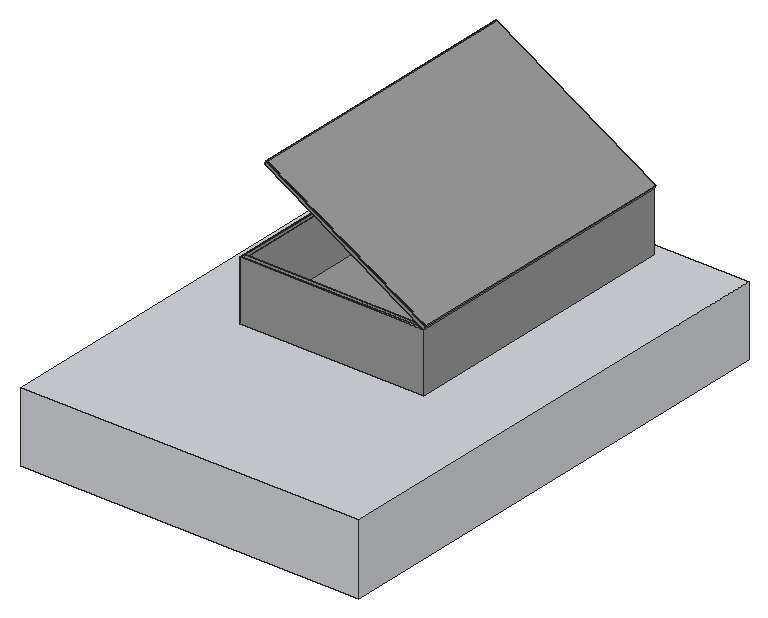
Revit family "Hager-Univers-IP55-D275-H1250-Cl.II-Steel_encl-DE-de", category Equipement électrique, Revit 2020
Family settings
  Hôte = Face
  Configuration du panneau = Deux colonnes, circuits au sein
  Cote de connecteur circulaire = Utiliser le diamètre
  Type d'élément = Tableau de raccordement
  Couper avec des vides une fois chargée = Non
  Partagée = Non
  Point de calcul de pièce = Non
Parameters (values of type "Aufputz IP55 B800 H1250 T275  - FR83S")
  Width Control [instance] = if([EF000008 - Breite] > Min Width, [EF000008 - Breite], Min Width)  # 800 mm
  Commentaires du type = [HG000003 - Bereich]  # "Univers"
  Thickness Door [instance] = if([EF009171 - Materialstärke Tür/Deckel] > 3 mm, 3 mm, [EF009171 - Materialstärke Tür/Deckel])  # 1.5 mm
  Seal Frame Offset [instance] = 17 mm  # constant formula
  Plinth Visibility [instance] = [HG000027 - Sockelhöhe] > 0 mm  # no
  Model = ""
  Min Width [instance] = 100 mm  # constant formula
  Min Height [instance] = 100 mm  # constant formula
  Min Depth [instance] = (2 * [EF009170 - Materialstärke Gehäuse]) + 1 mm  # 4 mm
  Internal Frame Depth [instance] = (Door System Depth * 0.5)  # 9 mm
  Height Control [instance] = if([EF000040 - Höhe] > Min Height, [EF000040 - Höhe], Min Height)  # 1250 mm
  HG000027 - Sockelhöhe = 0 mm
  HG000026 - Stehend auf dem Boden = no
  HG000024 - Höhe des unteren Teils = 800 mm
  HG000023 - Gehäuse mit doppeltem Querschnitt = no
  HG000016 - 3D-Türsichtbarkeit [instance] = yes
  HG000015 - Sichtbarkeit der Türöffnung [instance] = no
  HG000014 - Tür rechts [instance] = yes
  HG000013 - Tür links [instance] = not([HG000014 - Tür rechts])  # no
  HG000012 - Türschwenkwinkel [instance] = 30.00°
  HG000010 - Asymmetrische Türen = no
  HG000009 - Doppelflügeligen Tür = no
  HG000006 - Unterputz = no
  HG000004 - Herstellerreferenz = "FR83S"
  HG000003 - Bereich = "Univers"
  HG000002 - Mit tür = yes
  Frame Offset Bottom [instance] = 10 mm  # constant formula
  Frame Offset [instance] = 15 mm  # constant formula
  EF015940 - Deckel mit Überdruckentlastung = no
  EF011959 - Schutzart (NEMA) = ""
  EF009554 - Anzahl der Öffnungen für Flanschplatten = 6
  Fabricant = "Hager"  # constant formula
  EF009212 - Ausführung Deckel = "EV000116 - geschlossen"
  EF009171 - Materialstärke Tür/Deckel = 1.5 mm
  EF009170 - Materialstärke Gehäuse = 1.5 mm
  EF008873 - Nennstrom (In) = 800 A
  EF007800 - Geeignet für Blitzschutz = no
  EF006306 - Mit Schloss = no
  EF006244 - Transparenter Deckel/Tür = no
  EF005474 - Schutzart (IP) = "EV006420 - IP55"
  EF004464 - Art der Tür = "EV002646 - Einzel"
  EF004427 - Anzahl der Module = 288
  EF004293 - Schlagfestigkeit = "EV008784 - IK10"
  EF003532 - Geeignet für Außengebrauch = no
  EF002950 - Breite in Teilungseinheiten = 24
  EF001613 - Funktionserhalt = "EV000494 - ohne"
  EF001596 - Werkstoff des Gehäuses = "EV000179 - Stahl"
  EF001131 - Innentiefe = 275 mm
  EF001088 - Anbaumöglichkeit = yes
  EF000437 - Anzahl der Leitungseinführungen = 6
  EF000339 - Art der Abdeckung = "EV004216 - Tür"
  EF000266 - Anzahl der Reihen = 8
  EF000218 - Einbautiefe = 0 mm
  EF000118 - Mit Montageplatte = no
  EF000116 - RAL-Nummer = "7035"
  EF000049 - Tiefe = 275 mm
  EF000040 - Höhe = 1250 mm
  EF000008 - Breite = 800 mm
  EF000007 - Farbe = "EV000270 - grau"
  EF000003 - Montageart = "EV000384 - Aufputz"
  Door System Leaf Tolerance [instance] = 1.5 mm  # constant formula
  Door System Depth [instance] = 18 mm  # constant formula
  Door Height [instance] = Height Control - [HG000027 - Sockelhöhe]  # 1250 mm
  Depth Control [instance] = if([EF000049 - Tiefe] > Min Depth, [EF000049 - Tiefe], Min Depth)  # 275 mm
  Default Elevation = 0 mm
  Connector Offset [instance] = Height Control / 2  # 625 mm
  Bottom Top Plate Trim [instance] = 1.5 mm  # constant formula
  Plinth height Ctrl [instance] = if([HG000027 - Sockelhöhe] > 0 mm, [HG000027 - Sockelhöhe], 12 mm)  # 12 mm
Types (5, lengths in mm): name | Width Control | HG000010 - Asymmetrische Türen | HG000009 - Doppelflügeligen Tür | HG000004 - Herstellerreferenz | EF009554 - Anzahl der Öffnungen für Flanschplatten | EF004464 - Art der Tür | EF004427 - Anzahl der Module | EF000437 - Anzahl der Leitungseinführungen | EF000008 - Breite
  Aufputz IP55 B1050 H1250 T275  - FR84S | 1050 | no | yes | "FR84S" | 8 | "EV003602 - Doppel" | 384 | 8 | 1050
  Aufputz IP55 B1300 H1250 T275  - FR85S | 1300 | yes | yes | "FR85S" | 10 | "EV003602 - Doppel" | 480 | 10 | 1300
  Aufputz IP55 B300 H1250 T275  - FR81S | 300 | no | no | "FR81S" | 2 | "EV002646 - Einzel" | 96 | 2 | 300
  Aufputz IP55 B550 H1250 T275  - FR82S | 550 | no | no | "FR82S" | 4 | "EV002646 - Einzel" | 192 | 4 | 550
  Aufputz IP55 B800 H1250 T275  - FR83S | 800 | no | no | "FR83S" | 6 | "EV002646 - Einzel" | 288 | 6 | 800
Reference planes
  plane 1 "Center (Front/Back)": y = 0
  plane 2: z = 0
  plane 3 "Center (Left/Right)": x = 0
  plane 4: z = 275
  plane 5: y = 1.5
  plane 6: y = 625
  plane 7: y = 0
  plane 8: y = 1250
  plane 9: z = 0
  plane 10: x = -385
  plane 11: x = 385
  plane 12: x = 383.5
  plane 13: x = -383.5
  plane 14: y = 1248.5
  plane 15: x = -383
  plane 16: x = -400
  plane 17: x = 383
  plane 18: x = 400
  plane 19: x = 398.5
  plane 20: x = -398.5
  plane 21: y = 11.5
  plane 22: y = 1250
  plane 23: y = 1233.5
  plane 24: z = 257
  plane 25: z = 1.5
  plane 26: z = 255.5
  plane 27: z = 273.5
Forms (mm)
  Extrusion 1, solid
    sketch origin (0, 0, 0) x (1, 0, 0) y (0, 1, 0)
      loop
        line (-702.964, 1305) -> (-702.964, -811.445) -> (766.763, -811.445) -> (766.763, 1305) -> (-702.964, 1305)
    from 0 to -304.8
  Extrusion 2, solid, material "Hager_Steel_RAL7035_Light_Grey", visible <- "Plinth Visibility", detail levels medium+fine
    sketch origin (0, 0, 0) x (1, 0, 0) y (0, 1, 0)
      loop
        line (-400, 0) -> (400, 0) -> (400, 12) -> (-400, 12) -> (-400, 0)
    from 0 to 257
  Extrusion 3, solid, material "Hager_Steel_RAL7035_Light_Grey", detail levels medium+fine
    sketch origin (0, 0, 0) x (1, 0, 0) y (0, 1, 0)
      loop
        line (-400, 0) -> (400, 0) -> (400, 1250) -> (-400, 1250) -> (-400, 0)
    from 0 to 257
  Extrusion 4, void
    sketch origin (0, 0, 0) x (1, 0, 0) y (0, 1, 0)
      loop
        line (-398.5, 1.5) -> (398.5, 1.5) -> (398.5, 1248.5) -> (-398.5, 1248.5) -> (-398.5, 1.5)
    from 1.5 to 255.5
  Extrusion 5, void
    sketch origin (-381.607, -4572, 257) x (0, -1, 0) y (-1, 0, 0)
      loop
        line (-4583.5, 1.893) -> (-5805.5, 1.893) -> (-5805.5, -765.107) -> (-4583.5, -765.107) -> (-4583.5, 1.893)
    from 0 to 1.5 <- "EF009170 - Materialstärke Gehäuse"
  Extrusion 6, solid, material "Hager_Steel_RAL7035_Light_Grey", detail levels fine
    sketch origin (0, 0, 257) x (1, 0, 0) y (0, 1, 0)
      loop
        line (-383.5, 1233.5) -> (-383.5, 11.5) -> (383.5, 11.5) -> (383.5, 1233.5) -> (-383.5, 1233.5)
      loop
        line (-385, 10) -> (385, 10) -> (385, 1235) -> (-385, 1235) -> (-385, 10)
    from 0 to 9 <- "Internal Frame Depth"
  Extrusion 7, solid, material "Hager_Steel_RAL7035_Light_Grey", detail levels coarse
    sketch origin (0, 0, 0) x (1, 0, 0) y (0, 1, 0)
      loop
        line (-400, 0) -> (400, 0) -> (400, 1250) -> (-400, 1250) -> (-400, 0)
    from 0 to 275
  Sweep 8, void
    path in 3D
      loop
        line (-400, 12, 0) -> (400, 12, 0) -> (400, 12, 257) -> (-400, 12, 257) -> (-400, 12, 0)
    profile origin (-400, 12, 128.5) x (-1, 0, 0) y (0, -1, 0)
      loop
        line (0, 0) -> (0, 1.5) -> (-1.5, 1.5)
        arc (-1.5, 1.5) -> (-1.061, 0.439) -> (0, 0) r 1.5
Cuts and joins
  Extrusion 4, Extrusion 5 cuts Extrusion 3
  Sweep 8 cuts Extrusion 2
Lines and regions (mm)
  Masking region 1
    outline origin (0, 0, 0) x (1, 0, 0) y (0, 0, 1)
      loop
        line (-400, 275) -> (-400, 0) -> (400, 0) -> (400, 275) -> (-400, 275)
  Masking region 2, detail levels medium+fine
    outline origin (0, 140, 0) x (0, 1, 0) y (0, 0, 1)
      loop
        line (-140, 0) -> (1110, 0) -> (1110, 257) -> (-140, 257) -> (-140, 0)
  Masking region 3, not visible, detail levels medium+fine
    outline origin (0, 297.922, 0) x (0, 1, 0) y (0, 0, 1)
      loop
        line (338.578, 0) -> (378.578, 0) -> (378.578, 263.5)
        arc (378.578, 263.5) -> (375.649, 270.571) -> (368.578, 273.5) r 10
        line (368.578, 273.5) -> (338.578, 273.5) -> (338.578, 0)
  Masking region 4, detail levels coarse
    outline origin (0, 0, 180) x (0, 1, 0) y (0, 0, 1)
      loop
        line (0, -180) -> (1250, -180) -> (1250, 95) -> (0, 95) -> (0, -180)
  Masking region 5, visible <- "Plinth Visibility", detail levels medium+fine
    outline origin (0, 52.24, 12.345) x (0, 0, -1) y (0, 1, 0)
      loop
        line (10.845, -40.24) -> (-243.155, -40.24)
        arc (-243.155, -40.24) -> (-243.594, -41.301) -> (-244.655, -41.74) r 1.5
        line (-244.655, -41.74) -> (-244.655, -52.24) -> (12.345, -52.24) -> (12.345, -41.74)
        arc (12.345, -41.74) -> (11.285, -41.301) -> (10.845, -40.24) r 1.5
  Masking region 6, detail levels medium+fine
    outline origin (-381.607, -4572, 257) x (-1, 0, 0) y (0, -1, 0)
      loop
        line (18.393, -5822) -> (18.393, -4572) -> (-781.607, -4572) -> (-781.607, -5822) -> (18.393, -5822)
  Masking region 7, visible <- "Plinth Visibility", detail levels medium+fine
    outline origin (-381.607, -4727, 257) x (-1, 0, 0) y (0, -1, 0)
      loop
        arc (16.893, -4739) -> (17.332, -4737.939) -> (18.393, -4737.5) r 1.5
        line (18.393, -4737.5) -> (18.393, -4727) -> (-781.607, -4727) -> (-781.607, -4737.5)
        arc (-781.607, -4737.5) -> (-780.546, -4737.939) -> (-780.107, -4739) r 1.5
        line (-780.107, -4739) -> (16.893, -4739)
  Masking region 8, detail levels coarse
    outline origin (-442.548, -4669.526, 257) x (-1, 0, 0) y (0, -1, 0)
      loop
        line (-42.548, -5919.526) -> (-42.548, -4669.526) -> (-842.548, -4669.526) -> (-842.548, -5919.526) -> (-42.548, -5919.526)
  sketch lines
    curve 1: line (-400, 12, 257) -> (-400, 12, 0)
    curve 2: line (400, 12, 257) -> (-400, 12, 257)
    curve 3: line (400, 12, 257) -> (400, 12, 0)
    curve 4: line (-400, 12, 0) -> (400, 12, 0)
Dimensions and locks
  "Depth Control": plane 4 to Extrusion 1
  "HG000027 - Sockelhöhe": plane 1 "Center (Front/Back)" to plane 7
  "EF009170 - Materialstärke Gehäuse": plane 5 to plane 7
  locked: connector elem to plane 3 "Center (Left/Right)"
  equal spacing: plane 8, plane 6, plane 7
  locked: connector elem to plane 6
  "EF009170 - Materialstärke Gehäuse": plane 8 to plane 14
  "EF009170 - Materialstärke Gehäuse": plane 10 to plane 13
  "EF009170 - Materialstärke Gehäuse": plane 12 to plane 11
  "Frame Offset": plane 20 to plane 13
  "Frame Offset": plane 12 to plane 19
  "EF009170 - Materialstärke Gehäuse": plane 16 to plane 20
  "EF009170 - Materialstärke Gehäuse": plane 19 to plane 18
  "Seal Frame Offset": plane 16 to plane 15
  "Seal Frame Offset": plane 17 to plane 18
  "Frame Offset Bottom": plane 21 to plane 5
  "Frame Offset": plane 14 to plane 23
  equal spacing: plane 16, plane 3 "Center (Left/Right)", plane 18
  "Width Control": plane 16 to plane 18
  "EF009170 - Materialstärke Gehäuse": plane 4 to plane 27
  "EF009170 - Materialstärke Gehäuse": plane 24 to plane 26
  "EF009170 - Materialstärke Gehäuse": plane 25 to level
  "Door System Depth": plane 4 to plane 24
  "Height Control": plane 1 "Center (Front/Back)" to Extrusion 7 sketch curve
  "Height Control": Masking region 4 sketch curve to plane 1 "Center (Front/Back)"
  "Height Control": plane 1 "Center (Front/Back)" to plane 22
  "Bottom Top Plate Trim": profile plane to Sweep 8 sketch curve
  "Bottom Top Plate Trim": Sweep 8 sketch curve to profile plane
  "Plinth height Ctrl": plane 1 "Center (Front/Back)" to Extrusion 2 sketch curve
  "Plinth height Ctrl": Masking region 5 sketch curve to plane 1 "Center (Front/Back)"
  "Plinth height Ctrl": plane 1 "Center (Front/Back)" to Masking region 7 sketch curve
  "Thickness Door": Extrusion 6 sketch curve to Extrusion 6 sketch curve  (x3)
  "Thickness Door": cut or joined group of Extrusion 3, Extrusion 4, Extrusion 5 to Extrusion 6 sketch curve
  radius of Masking region 3 sketch curve = 10 mm
  "Bottom Top Plate Trim": radius of Masking region 5 sketch curve  (x2)
  "Bottom Top Plate Trim": radius of Sweep 8 sketch curve
  "Bottom Top Plate Trim": radius of Masking region 7 sketch curve  (x2)
  aligned and locked: plane 2 to Extrusion 1
  aligned and locked: level to Extrusion 1
  aligned and locked: level to Masking region 1 sketch curve
  aligned and locked: Masking region 1 sketch curve to plane 18
  aligned and locked: Masking region 1 sketch curve to plane 16
  aligned and locked: plane 7 to Masking region 2 sketch curve
  aligned and locked: level to Masking region 3 sketch curve
  aligned and locked: Masking region 3 sketch curve to plane 27
  aligned and locked: level to Masking region 2 sketch curve
  aligned and locked: plane 1 "Center (Front/Back)" to Extrusion 2 sketch curve
  aligned and locked: Extrusion 3 sketch curve to plane 7
  aligned and locked: plane 16 to Extrusion 3 sketch curve
  aligned and locked: plane 18 to Extrusion 3 sketch curve
  aligned and locked: plane 20 to Extrusion 4 sketch curve
  aligned and locked: plane 19 to Extrusion 4 sketch curve
  aligned and locked: Extrusion 4 sketch curve to plane 5
  aligned and locked: Extrusion 4 to plane 25
  aligned and locked: plane 26 to Extrusion 4
  aligned and locked: plane 24 to Extrusion 3
  aligned and locked: Extrusion 5 sketch curve to plane 21
  aligned and locked: Extrusion 5 sketch curve to plane 13
  aligned and locked: Extrusion 5 sketch curve to plane 12
  aligned and locked: plane 18 to Extrusion 7 sketch curve
  aligned and locked: plane 1 "Center (Front/Back)" to Extrusion 7 sketch curve
  aligned and locked: plane 16 to Extrusion 7 sketch curve
  aligned and locked: plane 4 to Extrusion 7
  aligned and locked: Extrusion 7 to level
  aligned and locked: level to Masking region 4 sketch curve
  aligned and locked: Masking region 4 sketch curve to plane 1 "Center (Front/Back)"
  aligned and locked: Masking region 4 sketch curve to plane 4
  aligned and locked: nested 1 to level
  aligned and locked: nested 1 to plane 16
  aligned and locked: plane 8 to Extrusion 3 sketch curve
  aligned and locked: plane 23 to Extrusion 5 sketch curve
  aligned and locked: plane 14 to Extrusion 4 sketch curve
  aligned and locked: Masking region 2 sketch curve to plane 8
  aligned and locked: level to Masking region 5 sketch curve
  aligned and locked: plane 16 to Extrusion 2 sketch curve
  aligned and locked: plane 18 to Extrusion 2 sketch curve
  aligned and locked: Masking region 5 sketch curve to plane 24
  aligned and locked: Masking region 2 sketch curve to plane 24
  aligned and locked: plane 24 to Extrusion 2
  aligned and locked: profile plane to Sweep 8 sketch curve  (x2)
  aligned and locked: Masking region 6 sketch curve to plane 18
  aligned and locked: Masking region 6 sketch curve to plane 22
  aligned and locked: Masking region 6 sketch curve to plane 16
  aligned and locked: plane 8 to plane 22
  aligned and locked: Masking region 6 sketch curve to plane 7
  aligned and locked: Masking region 7 sketch curve to plane 16
  aligned and locked: Masking region 7 sketch curve to plane 1 "Center (Front/Back)"
  aligned and locked: Masking region 7 sketch curve to plane 18
  aligned and locked: Masking region 8 sketch curve to plane 1 "Center (Front/Back)"
  aligned and locked: Masking region 8 sketch curve to plane 18
  aligned and locked: Masking region 8 sketch curve to plane 22
  aligned and locked: Masking region 8 sketch curve to plane 16
  aligned and locked: nested 2 to plane 7
  aligned and locked: plane 3 "Center (Left/Right)" to nested 2
  aligned and locked: nested 2 to plane 24
  aligned and locked: Extrusion 6 sketch curve to cut or joined group of Extrusion 3, Extrusion 4, Extrusion 5  (x4)
Automatic sketch dimensions
  Extrusion 1 sketch curve to Extrusion 1 sketch curve = 1469.727 mm
  Extrusion 1 sketch curve to Extrusion 1 sketch curve = 2116.445 mm
  Masking region 1 sketch curve to plane 4 = 0 mm
  plane 6 to Masking region 3 sketch curve = 11.5 mm
  Masking region 3 sketch curve to Masking region 3 sketch curve = 30 mm
  Masking region 5 sketch curve to plane 1 "Center (Front/Back)" = 0 mm
Nested families
  nested 1: "Hager_Enclosure_Symbol" at (-400, 0, 0) x (1, 0, 0) z (0, -1, 0), Height <- "Depth Control", Width <- "Width Control", type "Hager_Enclosure_Symbol"
    with Width_Ctrl 800 mm, Width 800 mm, Height_Ctrl 275 mm, Height 275 mm, A_Width_Int 18.047 mm, A_Width 216.562 mm, A_Height_Ctrl 240.625 mm, A_Height 240.625 mm
  nested 2: "EC000058_Univers_Door" at (0, 0, 257) x (1, 0, 0) z (0, 1, 0), Leaf_Tolerance <- "Door System Leaf Tolerance", Angle <- "HG000012 - Türschwenkwinkel", Door_Depth <- "Door System Depth", Door_Left <- "HG000013 - Tür links", Transparent <- "EF006244 - Transparenter Deckel/Tür", Assymetrical <- "HG000010 - Asymmetrische Türen", Width <- "Width Control", Clearance <- "HG000015 - Sichtbarkeit der Türöffnung", Double <- "HG000009 - Doppelflügeligen Tür", 3d_Door <- "HG000016 - 3D-Türsichtbarkeit", Lock_Visibility <- "EF006306 - Mit Schloss", Width_Ctrl <- "Width Control", Door_Right <- "HG000014 - Tür rechts", Door <- "HG000002 - Mit tür", Height <- "Door Height", Thickness <- "Thickness Door", type "EC000058_Univers_Door", detail levels medium+fine
    with min_wh 4 mm, Width_Ctrl 800 mm, Width 800 mm, Transparent no, Thickness 1.5 mm, Seal_Material Hager_Rubber, Lock_Visibility no, Lock_Material Hager_Plastic_RAL9005_Jet_Black, Leaf_Width 800 mm, Leaf_Tolerance_External_Sides 0 mm, Leaf_Tolerance 1.5 mm, Leaf_Offset 0 mm, Leaf_Height 1247 mm, Leaf_2_Width 800 mm, Leaf_2_Offset 400 mm, Leaf_1_Width 800 mm, Leaf_1_Offset 400 mm, Height_Ctrl 1250 mm, Height 1250 mm, Glass_Material Hager_Glass, Double_Clearance_Ctrl no, Double no, Door_Right_Ctrl yes, Door_Right yes, Door_Material Hager_Steel_RAL7035_Light_Grey, Door_Left_Ctrl no, Door_Left no, Door_Depth 18 mm, Door yes, Clearance_Material Hager_Clearance, Clearance_Depth 800 mm, Clearance_Ctrl no, Clearance no, Assymetrical no, Angle 30.00°, 3d_Door yes
Connectors
  electrical at (0, 625, 0)
    settings: on plane 9, index 1, voltage 0 V, apparent load 0 VA, apparent load phase1 0 VA, apparent load phase2 0 VA, apparent load phase3 0 VA, power factor 1, load classification "Other", number of poles 1, system type 30, power factor state 1, is connector primary yes, connector utility no, sub classification motor no, connector description ""
Definition of nested family "EC000058_Univers_Door"
  Parameters (values of type "EC000058_Univers_Door")
    min_wh [instance] = (2 * Thickness) + 1 mm  # 11 mm
    Width_Ctrl [instance] = 400 mm
    Width [instance] = 500 mm
    Transparent [instance] = yes
    Thickness [instance] = 5 mm
    Seal_Material [instance] = none
    Lock_Visibility [instance] = yes
    Lock_Material [instance] = none
    Leaf_Width [instance] = if((Width_Ctrl - 2 * Leaf_Tolerance_External_Sides) > 0 mm, (Width_Ctrl - 2 * Leaf_Tolerance_External_Sides), min_wh)  # 400 mm
    Leaf_Tolerance_External_Sides [instance] = 0 mm  # constant formula
    Leaf_Tolerance [instance] = 1.5 mm
    Leaf_Offset [instance] = 0 mm  # constant formula
    Leaf_Height [instance] = if((Height_Ctrl - 2 * Leaf_Tolerance) > 0 mm, (Height_Ctrl - 2 * Leaf_Tolerance), min_wh)  # 497 mm
    Leaf_2_Width [instance] = if(and(and(Double, Assymetrical), Door_Left), (Leaf_Width / 3) - (Leaf_Tolerance / 2), if(and(and(Double, Assymetrical), Door_Right), (Leaf_Width / 3) * 2 - (Leaf_Tolerance / 2), if(and(Double, not(Assymetrical)), (Leaf_Width / 2) - Leaf_Tolerance, Leaf_Width)))  # 400 mm
    Leaf_2_Offset [instance] = if(and(Double, Assymetrical), Leaf_2_Width / 2, if(and(Double, not(Assymetrical)), Leaf_Width / 4, Leaf_Width / 2))  # 200 mm
    Leaf_1_Width [instance] = if(and(and(Double, Assymetrical), Door_Right), (Leaf_Width / 3) - (Leaf_Tolerance / 2), if(and(and(Double, Assymetrical), Door_Left), (Width / 3) * 2 - (Leaf_Tolerance / 2), if(and(Double, not(Assymetrical)), (Leaf_Width / 2) - Leaf_Tolerance, Leaf_Width)))  # 400 mm
    Leaf_1_Offset [instance] = if(and(Double, Assymetrical), Leaf_1_Width / 2, if(and(Double, not(Assymetrical)), Leaf_Width / 4, Leaf_Width / 2))  # 200 mm
    Height_Ctrl [instance] = if(Height > min_wh, Height, min_wh)  # 500 mm
    Height [instance] = 500 mm
    Glass_Material [instance] = none
    Double_Clearance_Ctrl [instance] = and(Double, Clearance)  # no
    Double [instance] = no
    Door_Right_Ctrl [instance] = and(or(Door_Right, Double), Door)  # yes
    Door_Right [instance] = yes
    Door_Material [instance] = none
    Door_Left_Ctrl [instance] = and(or(Door_Left, Double), Door)  # no
    Door_Left [instance] = no
    Door_Depth [instance] = 30 mm
    Door [instance] = yes
    Default Elevation = 1219.2 mm
    Clearance_Material [instance] = none
    Clearance_Depth [instance] = if(Leaf_1_Width > Leaf_2_Width, Leaf_1_Width, Leaf_2_Width)  # 400 mm
    Clearance_Ctrl [instance] = and(not(Double), Clearance)  # yes
    Clearance [instance] = yes
    Assymetrical [instance] = yes
    Angle [instance] = 30.00°
    3d_Door [instance] = yes
  Reference planes
    plane 1 "Center (Front/Back)": y = 0
    plane 2 "Bottom": z = 0
    plane 3 "Center (Left/Right)": x = 0
    plane 4: z = 500
    plane 5: x = -200
    plane 6: x = 200
    plane 7: z = 500
    plane 8: x = -200
    plane 9: z = 0
    plane 10: x = 200
    plane 11: y = 0
    plane 12: z = 1.5
    plane 13: x = -600
    plane 14: y = -400
    plane 15: x = 600
    plane 16: x = 0
    plane 17: x = 0
    plane 18: x = -200
    plane 19: x = 200
    plane 20: z = 498.5
  Forms (mm)
    Extrusion 1, solid, material <- "Clearance_Material", visible <- "Double_Clearance_Ctrl"
      sketch origin (1200, 0, 0) x (1, 0, 0) y (0, 0, -1)
        loop
          line (-1800, -498.5) -> (-600, -498.5) -> (-600, 0) -> (-1800, 0) -> (-1800, -498.5)
      from 0 to -400
  Dimensions and locks
    equal spacing: plane 5, plane 3 "Center (Left/Right)", plane 6
    "Width_Ctrl": plane 5 to plane 6
    "Leaf_Offset": plane 5 to plane 8
    "Leaf_Offset": plane 6 to plane 10
    "Leaf_Offset": plane 9 to level
    "Leaf_Offset": plane 4 to plane 7
    "Height_Ctrl": plane 4 to level
    "Leaf_Tolerance": plane 12 to plane 9
    locked: plane 11 to plane 1 "Center (Front/Back)"
    "Leaf_1_Offset": plane 18 to plane 16
    "Leaf_2_Offset": plane 17 to plane 19
    "Leaf_1_Width": plane 13 to plane 8
    "Leaf_2_Width": plane 10 to plane 15
    "Clearance_Depth": plane 14 to plane 1 "Center (Front/Back)"
    "Leaf_Tolerance_External_Sides": plane 8 to plane 18
    "Leaf_Tolerance_External_Sides": plane 19 to plane 10
    "Leaf_Tolerance": plane 7 to plane 20
    aligned and locked: level to plane 2 "Bottom"
    aligned and locked: nested 1 to plane 16
    aligned and locked: nested 2 to plane 17
    aligned and locked: Extrusion 1 to plane 13
    aligned and locked: plane 15 to Extrusion 1
    aligned and locked: Extrusion 1 to plane 14
    aligned and locked: plane 12 to nested 1
    aligned and locked: nested 2 to plane 12
    aligned and locked: Extrusion 1 to plane 11
    aligned and locked: plane 20 to Extrusion 1
    aligned and locked: nested 2 to plane 11
    aligned and locked: nested 1 to plane 11
  Automatic sketch dimensions
    Extrusion 1 sketch curve to level = 0 mm
    plane 5 to Extrusion 1 sketch curve = 400 mm
    plane 6 to Extrusion 1 sketch curve = 400 mm
    Extrusion 1 sketch curve to plane 4 = 1.5 mm
  Nested families
    nested 1: "EC000058_Univers_Door_Leaf" at (0, 0, 1.5), Width <- "Leaf_1_Width", visible <- "Door_Left_Ctrl", Leaf_Height <- "Leaf_Height", Angle <- "Angle", 3d_Door <- "3d_Door", Transparent <- "Transparent", Clearance Material <- "Clearance_Material", Clearance <- "Clearance_Ctrl", Door_Material <- "Door_Material", Glass_Material <- "Glass_Material", Door_Depth <- "Door_Depth", Lock_Material <- "Lock_Material", Seal_Material <- "Seal_Material", Lock_Visibility <- "Lock_Visibility", Thickness <- "Thickness", type "EC000058_Univers_Door_Leaf"
      with Width 400 mm, Transparent_Glass_Offset 30 mm, Transparent_Ctrl yes, Transparent yes, Thickness 5 mm, Standard no, Seal_Material none, Seal_D2 8 mm, Seal_D1 1 mm, Offset_Internal_Frame 10 mm, Lock_Width 20 mm, Lock_Visibility_3d yes, Lock_Visibility yes, Lock_Thickness_3 3 mm, Lock_Thickness_2 1 mm, Lock_Thickness_1 3 mm, Lock_Radius_Offset_2 16 mm, Lock_Radius_Offset_1 15 mm, Lock_Radius_2 5 mm, Lock_Radius 6 mm, Lock_Offset 5 mm, Lock_Material none, Lock_Height 80 mm, Lock_Cover_Top_Offset_2d 17 mm, Lock_Cover_Height -65 mm, Leaf_Height 497 mm, Internal_Seal_Thickness 8 mm, Internal_Seal_Depth_2 4.5 mm, Internal_Frame_Depth 25 mm, Glass_Thickness -1 mm, Glass_Offset -2 mm, Glass_Material none, Door_Material none, Door_Depth 30 mm, Clearance Material none, Clearance yes, Angle_Ctrl 30.00°, Angle 30.00°, 3d_Door yes
    nested 2: "EC000058_Univers_Door_Leaf" at (0, 0, 1.5) x (-1, 0, 0) z (0, 0, 1), Width <- "Leaf_2_Width", visible <- "Door_Right_Ctrl", Leaf_Height <- "Leaf_Height", Angle <- "Angle", 3d_Door <- "3d_Door", Transparent <- "Transparent", Clearance Material <- "Clearance_Material", Clearance <- "Clearance_Ctrl", Door_Material <- "Door_Material", Glass_Material <- "Glass_Material", Door_Depth <- "Door_Depth", Lock_Material <- "Lock_Material", Seal_Material <- "Seal_Material", Lock_Visibility <- "Lock_Visibility", Thickness <- "Thickness", type "EC000058_Univers_Door_Leaf"
      with Width 400 mm, Transparent_Glass_Offset 30 mm, Transparent_Ctrl yes, Transparent yes, Thickness 5 mm, Standard no, Seal_Material none, Seal_D2 8 mm, Seal_D1 1 mm, Offset_Internal_Frame 10 mm, Lock_Width 20 mm, Lock_Visibility_3d yes, Lock_Visibility yes, Lock_Thickness_3 3 mm, Lock_Thickness_2 1 mm, Lock_Thickness_1 3 mm, Lock_Radius_Offset_2 16 mm, Lock_Radius_Offset_1 15 mm, Lock_Radius_2 5 mm, Lock_Radius 6 mm, Lock_Offset 5 mm, Lock_Material none, Lock_Height 80 mm, Lock_Cover_Top_Offset_2d 17 mm, Lock_Cover_Height -65 mm, Leaf_Height 497 mm, Internal_Seal_Thickness 8 mm, Internal_Seal_Depth_2 4.5 mm, Internal_Frame_Depth 25 mm, Glass_Thickness -1 mm, Glass_Offset -2 mm, Glass_Material none, Door_Material none, Door_Depth 30 mm, Clearance Material none, Clearance yes, Angle_Ctrl 30.00°, Angle 30.00°, 3d_Door yes
  Definition of nested family "EC000058_Univers_Door_Leaf"
    Parameters (values of type "EC000058_Univers_Door_Leaf")
      Width [instance] = 2000 mm
      Transparent_Glass_Offset [instance] = 30 mm
      Transparent_Ctrl [instance] = and(Transparent, [3d_Door])  # yes
      Transparent [instance] = yes
      Thickness [instance] = 5 mm
      Standard [instance] = and(not(Transparent), [3d_Door])  # no
      Seal_Material [instance] = none
      Seal_D2 [instance] = 8 mm  # constant formula
      Seal_D1 [instance] = 1 mm  # constant formula
      Offset_Internal_Frame [instance] = 10 mm  # constant formula
      Lock_Width [instance] = 20 mm  # constant formula
      Lock_Visibility_3d [instance] = and(Lock_Visibility, [3d_Door])  # yes
      Lock_Visibility [instance] = yes
      Lock_Thickness_3 [instance] = 3 mm  # constant formula
      Lock_Thickness_2 [instance] = 1 mm  # constant formula
      Lock_Thickness_1 [instance] = 3 mm  # constant formula
      Lock_Radius_Offset_2 [instance] = Lock_Radius_Offset_1 + 1 mm  # 16 mm
      Lock_Radius_Offset_1 [instance] = 15 mm  # constant formula
      Lock_Radius_2 [instance] = Lock_Radius - 1 mm  # 5 mm
      Lock_Radius [instance] = 6 mm  # constant formula
      Lock_Offset [instance] = 5 mm  # constant formula
      Lock_Material [instance] = none
      Lock_Height [instance] = 80 mm  # constant formula
      Lock_Cover_Top_Offset_2d [instance] = Lock_Radius_Offset_2 + 1 mm  # 17 mm
      Lock_Cover_Height [instance] = -(Lock_Height - Lock_Radius_Offset_1)  # -65 mm
      Leaf_Height [instance] = 2720.336 mm
      Internal_Seal_Thickness [instance] = 8 mm  # constant formula
      Internal_Seal_Depth_2 [instance] = 4.5 mm  # constant formula
      Internal_Frame_Depth [instance] = if(Door_Depth - Thickness > 5 mm, Door_Depth - Thickness, 5 mm)  # 25 mm
      Glass_Thickness [instance] = if(Thickness > 15 mm, Glass_Offset + 10 mm, -1 mm)  # -1 mm
      Glass_Offset [instance] = if(Thickness > 15 mm, -(Thickness + 10 mm) / 2, -2 mm)  # -2 mm
      Glass_Material [instance] = none
      Door_Material [instance] = none
      Door_Depth [instance] = 30 mm
      Default Elevation = 0 mm
      Clearance Material [instance] = none
      Clearance [instance] = yes
      Angle_Ctrl [instance] = if(Angle > 180.00°, 180.00°, Angle)  # 90.00°
      Angle [instance] = 90.00°
      3d_Door [instance] = yes
    Reference planes
      plane 1 "Center (Front/Back)": y = 0
      plane 2: z = 0
      plane 3 "Center (Left/Right)": x = 0
      plane 4: y = 2000
      plane 5: x = -1000
      plane 6: x = 1000
      plane 7: x = -3000
      plane 8: z = 2720.336
      plane 9: z = 30
      plane 10: z = 2690.336
      plane 11: x = 970
      plane 12: x = -970
      plane 13: y = -3
      plane 14: z = 107.833
      plane 15: y = -5
      plane 16: y = -223.314
      plane 17: x = -1000
      plane 18: z = 1360.168
      plane 19: y = 30
    Forms (mm)
      Extrusion 1, solid, material <- "Clearance Material", visible <- "Clearance"
        sketch origin (0, 0, 0) x (1, 0, 0) y (0, 0, 1)
          loop
            line (-3000, 2720.336) -> (-3000, 0) -> (1000, 0) -> (1000, 2720.336) -> (-3000, 2720.336)
        from 0 to -2000
      Extrusion 2, solid, material <- "Door_Material", visible <- "Standard", detail levels medium+fine
        sketch origin (-1000, 0, 0) x (0, 1, 0) y (-1, 0, 0)
          loop
            line (0, 30) -> (0, 25) -> (2000, 25) -> (2000, 30) -> (0, 30)
        from 0 to 2720.336 <- "Leaf_Height"
      Extrusion 3, solid, material <- "Door_Material", visible <- "Transparent_Ctrl", detail levels medium+fine
        sketch origin (-1000, 0, 0) x (0, 1, 0) y (-1, 0, 0)
          loop
            line (0, 25) -> (2000, 25) -> (2000, 30) -> (0, 30) -> (0, 25)
        from 0 to 2720.336 <- "Leaf_Height"
      Extrusion 4, void
        sketch origin (-1025, 2000, 0) x (0, 1, 0) y (0, 0, -1)
          loop
            line (-30, -2690.336) -> (-30, -30) -> (-1970, -30) -> (-1970, -2690.336) -> (-30, -2690.336)
        from 0 to 5 <- "Thickness"
      Sweep 5, solid, material <- "Seal_Material", visible <- "Transparent_Ctrl", detail levels fine
        path in 3D
          loop
            line (-1025, 30, 30) -> (-1025, 30, 2690.336) -> (-1025, 1970, 2690.336) -> (-1025, 1970, 30) -> (-1025, 30, 30)
        profile origin (-1025, 1000, 30) x (1, 0, 0) y (0, 0, 1)
          loop
            line (0, 0) -> (0, -8) -> (1, -8) -> (1, 0) -> (0, 0)
      Extrusion 6, solid, material <- "Glass_Material", visible <- "Transparent_Ctrl", detail levels medium+fine
        sketch origin (-1030, 0, 0) x (0, 1, 0) y (0, 0, -1)
          loop
            line (1970, -2690.336) -> (1970, -30) -> (30, -30) -> (30, -2690.336) -> (1970, -2690.336)
        from -2 <- "Glass_Offset" to -1 <- "Glass_Thickness"
      Extrusion 7, solid, material <- "Door_Material", visible <- "3d_Door", detail levels medium+fine
        sketch origin (-1025, 2000, 0) x (0, -1, 0) y (0, 0, -1)
          loop
            line (0, -2720.336) -> (2000, -2720.336) -> (2000, 0) -> (0, 0) -> (0, -2720.336)
          loop
            line (1995, -5) -> (5, -5) -> (5, -2715.336) -> (1995, -2715.336) -> (1995, -5)
        from 0 to 25 <- "Internal_Frame_Depth"
      Sweep 8, solid, material <- "Seal_Material", visible <- "Transparent_Ctrl", detail levels fine
        path in 3D
          loop
            line (-1025, 0, 0) -> (-1025, 2000, 0) -> (-1025, 2000, 2720.336) -> (-1025, 0, 2720.336) -> (-1025, 0, 0)
        profile origin (-1025, 0, 1360.168) x (1, 0, 0) y (0, 1, 0)
          loop
            line (0, 10) -> (2.975, 10)
            arc (2.975, 10) -> (4.053, 10.447) -> (4.5, 11.525) r 1.525
            line (4.5, 11.525) -> (4.5, 16.527)
            arc (4.5, 16.527) -> (4.069, 17.569) -> (3.027, 18) r 1.473
            line (3.027, 18) -> (0, 18) -> (0, 10)
      Extrusion 9, solid, material <- "Lock_Material", visible <- "Lock_Visibility_3d", detail levels fine
        sketch origin (-1030, 0, 0) x (0, 1, 0) y (0, 0, -1)
          loop
            arc (1993.5, -1400.168) -> (1994.561, -1399.729) -> (1995, -1398.668) r 1.5
            line (1995, -1398.668) -> (1995, -1320.168) -> (1975, -1320.168) -> (1975, -1398.668)
            arc (1975, -1398.668) -> (1975.439, -1399.729) -> (1976.5, -1400.168) r 1.5
            line (1976.5, -1400.168) -> (1993.5, -1400.168)
        from 3 <- "Lock_Thickness_1" to 0
      Blend 10, solid, material <- "Lock_Material", visible <- "Lock_Visibility_3d", detail levels fine
        base sketch origin (-1033, 0, 0) x (0, 1, 0) y (0, 0, -1)
          loop
            line (1975, -1320.168) -> (1975, -1398.668)
            arc (1975, -1398.668) -> (1975.439, -1399.729) -> (1976.5, -1400.168) r 1.5
            line (1976.5, -1400.168) -> (1993.5, -1400.168)
            arc (1993.5, -1400.168) -> (1994.561, -1399.729) -> (1995, -1398.668) r 1.5
            line (1995, -1398.668) -> (1995, -1320.168) -> (1975, -1320.168)
        top sketch origin (-1033, 0, 0) x (0, 1, 0) y (0, 0, -1)
          loop
            line (1976, -1320.168) -> (1976, -1398.668)
            arc (1976, -1398.668) -> (1976.146, -1399.022) -> (1976.5, -1399.168) r 0.5
            line (1976.5, -1399.168) -> (1993.5, -1399.168)
            arc (1993.5, -1399.168) -> (1993.854, -1399.022) -> (1994, -1398.668) r 0.5
            line (1994, -1398.668) -> (1994, -1320.168) -> (1976, -1320.168)
        from 0 to 1 <- "Lock_Thickness_2"
      Blend 11, solid, material <- "Lock_Material", visible <- "Lock_Visibility_3d", detail levels fine
        base sketch origin (-1034, 0, 0) x (0, 1, 0) y (0, 0, -1)
          loop
            line (1978, -1320.168) -> (1978, -1384.168)
            arc (1978, -1384.168) -> (1985, -1391.168) -> (1992, -1384.168) r 7
            line (1992, -1384.168) -> (1992, -1320.168) -> (1978, -1320.168)
        top sketch origin (-1034, 0, 0) x (0, 1, 0) y (0, 0, -1)
          loop
            line (1991, -1320.168) -> (1979, -1320.168) -> (1979, -1383.168)
            arc (1979, -1383.168) -> (1985, -1389.168) -> (1991, -1383.168) r 6
            line (1991, -1383.168) -> (1991, -1320.168)
        from 0 to 3 <- "Lock_Thickness_3"
      Extrusion 12, solid, material <- "Lock_Material", visible <- "Lock_Visibility_3d", detail levels fine
        sketch origin (-1030, 1975, 1320.168) x (1, 0, 0) y (0, -1, 0)
          loop
            line (-7, -19) -> (-7, -1) -> (0, -1) -> (0, 0) -> (-8, 0) -> (-8, -20) -> (0, -20) -> (0, -19) -> (-7, -19)
        from 0 to -65 <- "Lock_Cover_Height"
      Extrusion 13, void
        sketch origin (-1038, 1995, 1320.168) x (-1, 0, 0) y (0, 0, -1)
          loop
            line (-5, -65) -> (0, -65) -> (-5, -60) -> (-5, -65)
        from 0 to 20 <- "Lock_Width"
      Extrusion 14, void
        sketch origin (-1038, 1975, 1320.168) x (0, -1, 0) y (0, 0, -1)
          loop
            circle (-10, -15.995) r 6
          loop
            circle (-10, -15.995) r 5
        from 0 to 2
      Extrusion 15, solid, material <- "Lock_Material", visible <- "Lock_Visibility_3d", detail levels medium
        sketch origin (-1030, 0, 0) x (0, 1, 0) y (0, 0, -1)
          loop
            arc (1993.5, -1400.168) -> (1994.561, -1399.729) -> (1995, -1398.668) r 1.5
            line (1995, -1398.668) -> (1995, -1320.168) -> (1975, -1320.168) -> (1975, -1398.668)
            arc (1975, -1398.668) -> (1975.439, -1399.729) -> (1976.5, -1400.168) r 1.5
            line (1976.5, -1400.168) -> (1993.5, -1400.168)
        from 8 to 0
    Cuts and joins
      Extrusion 4 cuts Extrusion 3
      Extrusion 13, Extrusion 14 cuts Extrusion 9
      Extrusion 14 cuts Blend 11
      Extrusion 13, Extrusion 14 cuts Extrusion 12
      joined: Extrusion 9, Blend 10, Blend 11, Extrusion 12
      Extrusion 14 cuts Extrusion 15
    Lines and regions (mm)
      Masking region 1, visible <- "Lock_Visibility", detail levels fine
        outline origin (0, 0, 0) x (0, 1, 0) y (0, 0, 1)
          loop
            line (30, 1320.168) -> (33, 1320.168) -> (33, 1400.168) -> (30, 1400.168) -> (30, 1320.168)
      Masking region 2, visible <- "Lock_Visibility", detail levels fine
        outline origin (0, 3.143, 0) x (0, 1, 0) y (0, 0, 1)
          loop
            line (29.857, 1354.168) -> (30.857, 1354.168) -> (30.857, 1366.168) -> (29.857, 1366.168) -> (29.857, 1354.168)
      Masking region 3, detail levels medium+fine
        outline origin (0, 0, 0) x (0, 1, 0) y (0, 0, 1)
          loop
            line (0, 0) -> (30, 0) -> (30, 2720.336) -> (0, 2720.336) -> (0, 0)
      Masking region 4, detail levels medium+fine
        outline origin (0, 0, 0) x (1, 0, 0) y (0, 0, 1)
          loop
            line (-1000, 2720.336) -> (-1000, 0) -> (1000, 0) -> (1000, 2720.336) -> (-1000, 2720.336)
      Masking region 5, visible <- "Lock_Visibility", detail levels fine
        outline origin (-47.116, 0, 0) x (1, 0, 0) y (0, 0, 1)
          loop
            arc (1024.616, 1399.168) -> (1023.556, 1398.729) -> (1023.116, 1397.668) r 1.5
            line (1023.116, 1397.668) -> (1023.116, 1320.168) -> (1041.116, 1320.168) -> (1041.116, 1397.668)
            arc (1041.116, 1397.668) -> (1040.677, 1398.729) -> (1039.616, 1399.168) r 1.5
            line (1039.616, 1399.168) -> (1024.616, 1399.168)
      Masking region 6, visible <- "Lock_Visibility", detail levels medium+fine
        outline origin (-25, 0, 0) x (1, 0, 0) y (0, 0, 1)
          loop
            arc (1001.5, 1400.168) -> (1000.439, 1399.729) -> (1000, 1398.668) r 1.5
            line (1000, 1398.668) -> (1000, 1320.168) -> (1020, 1320.168) -> (1020, 1398.668)
            arc (1020, 1398.668) -> (1019.561, 1399.729) -> (1018.5, 1400.168) r 1.5
            line (1018.5, 1400.168) -> (1001.5, 1400.168)
      Masking region 7, visible <- "Lock_Visibility", detail levels fine
        outline origin (-73.735, 0, 0) x (1, 0, 0) y (0, 0, 1)
          loop
            line (1051.735, 1382.168) -> (1065.735, 1382.168) -> (1065.735, 1384.168)
            arc (1065.735, 1384.168) -> (1058.735, 1391.168) -> (1051.735, 1384.168) r 7
            line (1051.735, 1384.168) -> (1051.735, 1382.168)
      Masking region 8, visible <- "Lock_Visibility", detail levels fine
        outline origin (-73.735, 0, 0) x (1, 0, 0) y (0, 0, 1)
          loop
            line (1052.735, 1382.168) -> (1064.735, 1382.168) -> (1064.735, 1383.168)
            arc (1064.735, 1383.168) -> (1058.735, 1389.168) -> (1052.735, 1383.168) r 6
            line (1052.735, 1383.168) -> (1052.735, 1382.168)
      Masking region 9, visible <- "Lock_Visibility", detail levels fine
        outline origin (-25, 0, 0) x (1, 0, 0) y (0, 0, 1)
          loop
            line (1020, 1320.168) -> (1020, 1382.168) -> (1000, 1382.168) -> (1000, 1320.168) -> (1020, 1320.168)
      Masking region 10, detail levels medium+fine
        outline origin (0, 0, 0) x (1, 0, 0) y (0, 0, 1)
          loop
            circle (985, 1335.144) r 6
      Masking region 11, detail levels fine
        outline origin (0, 0, 0) x (1, 0, 0) y (0, 0, 1)
          loop
            circle (985, 1335.144) r 5
      Masking region 12, visible <- "Lock_Visibility", detail levels fine
        outline origin (0, 12.767, 0) x (0, 1, 0) y (0, 0, 1)
          loop
            line (20.233, 1320.168) -> (21.233, 1320.168) -> (21.233, 1399.168) -> (20.233, 1400.168) -> (20.233, 1320.168)
      Masking region 13, visible <- "Lock_Visibility", detail levels fine
        outline origin (0, 13.767, -10) x (0, 1, 0) y (0, 0, 1)
          loop
            line (20.233, 1330.168) -> (23.233, 1330.168) -> (23.233, 1399.168) -> (20.233, 1402.168) -> (20.233, 1330.168)
      Masking region 14, visible <- "Lock_Visibility", detail levels fine
        outline origin (0, 12.767, -10) x (0, 1, 0) y (0, 0, 1)
          loop
            line (20.233, 1330.168) -> (25.233, 1330.168) -> (25.233, 1399.305) -> (20.233, 1394.305) -> (20.233, 1330.168)
      Masking region 15, visible <- "Lock_Visibility", detail levels medium
        outline origin (0, 0, 0) x (0, 1, 0) y (0, 0, 1)
          loop
            line (30, 1320.168) -> (38, 1320.168) -> (38, 1400.168) -> (30, 1400.168) -> (30, 1320.168)
      Masking region 16, visible <- "Lock_Visibility", detail levels fine
        outline origin (-1000, 0, 0) x (0, 1, 0) y (-1, 0, 0)
          loop
            line (1975, 30) -> (1995, 30) -> (1995, 38) -> (1975, 38) -> (1975, 30)
          loop
            line (1979, 37) -> (1976, 37) -> (1976, 34) -> (1978, 34) -> (1979, 37)
          loop
            line (1994, 37) -> (1991, 37) -> (1992, 34) -> (1994, 34) -> (1994, 37)
      Masking region 17, visible <- "Lock_Visibility", detail levels medium
        outline origin (-1000, 0, 0) x (0, 1, 0) y (-1, 0, 0)
          loop
            line (1975, 30) -> (1995, 30) -> (1995, 38) -> (1975, 38) -> (1975, 30)
      symbolic lines
        curve 1: line (1000, 0, 0) -> (-3000, 0, 0)
        curve 2: arc (1000, 0, 0) -> (-1000, 2000, 0) -> (-3000, 0, 0) r 2000
        curve 4: line (-1030, 0, 0) -> (-1030, 2000, 0)
      reference lines
        curve 3: line (-1000, 0, 0) -> (-1000, 2000, 0)
      symbolic lines, detail levels medium+fine
        curve 5: line (-1030, 2000, 0) -> (-1025, 2000, 0)
        curve 7: line (-1025, 0, 0) -> (-1030, 0, 0)
        curve 8: line (-1025, 0, 0) -> (-1000, 0, 0)
        curve 9: line (-1000, 0, 0) -> (-1000, 2000, 0)
        curve 10: line (-1000, 2000, 0) -> (-1025, 2000, 0)
      symbolic lines, detail levels fine
        curve 6: line (-1025, 2000, 0) -> (-1025, 0, 0)
      sketch lines
        curve 11: line (-1025, 0, 2720.336) -> (-1025, 0, 0)
        curve 12: line (-1025, 2000, 0) -> (-1025, 0, 0)
        curve 13: line (-1025, 2000, 2720.336) -> (-1025, 2000, 0)
        curve 14: line (-1025, 0, 2720.336) -> (-1025, 2000, 2720.336)
        curve 15: line (-1025, 1970, 30) -> (-1025, 30, 30)
        curve 16: line (-1025, 30, 30) -> (-1025, 30, 2690.336)
        curve 17: line (-1025, 1970, 2690.336) -> (-1025, 1970, 30)
        curve 18: line (-1025, 30, 2690.336) -> (-1025, 1970, 2690.336)
      symbolic lines, visible <- "Transparent", detail levels medium+fine
        curve 19: line (-970, 0, 2690.336) -> (970, 0, 2690.336)
        curve 20: line (-970, 0, 30) -> (-970, 0, 2690.336)
        curve 21: line (970, 0, 30) -> (-970, 0, 30)
        curve 22: line (970, 0, 2690.336) -> (970, 0, 30)
    Dimensions and locks
      "Width": plane 1 "Center (Front/Back)" to plane 4
      equal spacing: plane 5, plane 3 "Center (Left/Right)", plane 6
      "Width": plane 5 to plane 6
      "Width": plane 7 to plane 5
      "Leaf_Height": plane 8 to level
      "Width": curve 5 to curve 3
      "Width": curve 3 to curve 3
      plane 8 to plane 10 = 30 mm
      plane 9 to level = 30 mm
      plane 12 to plane 5 = 30 mm
      plane 6 to plane 11 = 30 mm
      Extrusion 1 to Extrusion 4 sketch curve = 30 mm
      "Transparent_Glass_Offset": curve 3 to Extrusion 4 sketch curve
      "Transparent_Glass_Offset": Extrusion 4 sketch curve to cut or joined group of Extrusion 3, Extrusion 4  (x2)
      cut or joined group of Extrusion 3, Extrusion 4 to Extrusion 6 sketch curve = 30 mm
      "Transparent_Glass_Offset": cut or joined group of Extrusion 3, Extrusion 4 to Extrusion 4 sketch curve
      "Thickness": curve 6 to curve 4
      "Thickness": Extrusion 7 sketch curve to Extrusion 7 sketch curve  (x4)
      "Door_Depth": curve 4 to curve 3
      "Offset_Internal_Frame": profile plane to Sweep 8 sketch curve
      "Internal_Seal_Thickness": Sweep 8 sketch curve to Sweep 8 sketch curve
      "Internal_Seal_Depth_2": profile plane to Sweep 8 sketch curve
      "Seal_D1": profile plane to Sweep 5 sketch curve
      "Seal_D2": profile plane to Sweep 5 sketch curve
      "Thickness": Extrusion 2 sketch curve to Extrusion 2 sketch curve
      equal spacing: Extrusion 9 sketch curve, plane 18, Extrusion 9 sketch curve  (x2)
      equal spacing: Masking region 1 sketch curve, plane 18, Masking region 1 sketch curve
      "Lock_Height": Masking region 1 sketch curve to Masking region 1 sketch curve
      "Lock_Radius": Masking region 2 sketch curve to plane 18 to Masking region 2 sketch curve
      Masking region 2 sketch curve to Masking region 1 = 1 mm
      "Door_Depth": plane 19 to plane 1 "Center (Front/Back)"
      "Lock_Thickness_1": Masking region 1 sketch curve to plane 19
      "Lock_Width": Extrusion 9 sketch curve to Extrusion 9 sketch curve
      "Lock_Height": Extrusion 9 sketch curve to Extrusion 9 sketch curve
      "Lock_Offset": cut or joined group of Extrusion 3, Extrusion 4 to Extrusion 9 sketch curve
      equal spacing: plane 8, plane 18, level
      "Lock_Radius_Offset_1": Blend 11 sketch curve to Blend 10
      locked: Blend 10 to Blend 11 sketch curve at 2  (x2)
      locked: var sketch to Blend 11 sketch curve at 1  (x2)
      "Lock_Radius_Offset_2": Blend 11 sketch curve to Blend 10
      locked: Extrusion 12 sketch curve to Extrusion 12 sketch curve at 1  (x3)
      Masking region 6 sketch curve to Masking region 6 sketch curve = 80 mm
      "Lock_Height": Masking region 6 sketch curve to Masking region 6 sketch curve
      "Lock_Width": Masking region 6 sketch curve to Masking region 6 sketch curve
      locked: Masking region 6 to Masking region 5 sketch curve at 1  (x3)
      locked: Masking region 5 to Masking region 7 sketch curve at 2  (x2)
      "Lock_Radius_Offset_1": Masking region 5 to Masking region 7 sketch curve
      "Lock_Radius_Offset_2": Masking region 5 to Masking region 8 sketch curve
      locked: Masking region 7 to Masking region 8 sketch curve at 1  (x2)
      "Lock_Cover_Top_Offset_2d": Masking region 5 to Masking region 9 sketch curve
      equal spacing: Masking region 9, Masking region 10 sketch curve, Masking region 9
      equal spacing: Masking region 9, Masking region 11 sketch curve, Masking region 9
      Extrusion 15 sketch curve to Extrusion 15 sketch curve = 80 mm
      "Lock_Width": Extrusion 15 sketch curve to Extrusion 15 sketch curve
      "Lock_Height": Extrusion 15 sketch curve to Extrusion 15 sketch curve
      equal spacing: Extrusion 15 sketch curve, plane 18, Extrusion 15 sketch curve
      "Lock_Thickness_3": Masking region 13 sketch curve to Masking region 13 sketch curve
      "Lock_Height": Masking region 12 sketch curve to Masking region 12 sketch curve
      locked: Masking region 13 sketch curve to Masking region 1 at 8
      locked: Masking region 14 sketch curve to Masking region 13 at 1
      locked: Masking region 14 sketch curve to Masking region 1 at 10.863
      "Lock_Height": Masking region 15 sketch curve to Masking region 15 sketch curve
      "Lock_Offset": Extrusion 15 sketch curve to cut or joined group of Extrusion 3, Extrusion 4
      "Lock_Offset": plane 6 to Masking region 6 sketch curve
      radius of Sweep 8 sketch curve = 1.525 mm
      radius of Sweep 8 sketch curve = 1.473 mm
      radius of Extrusion 9 sketch curve = 1.5 mm  (x2)
      "Lock_Radius": radius of Extrusion 14 sketch curve
      "Lock_Radius_2": radius of Extrusion 14 sketch curve
      "Lock_Radius": radius of Masking region 10 sketch curve
      "Lock_Radius_2": radius of Masking region 11 sketch curve
      radius of Extrusion 15 sketch curve = 1.5 mm  (x2)
      "Angle_Ctrl": angle plane 1 "Center (Front/Back)" to curve 3
      locked: Masking region 12 sketch curve to Masking region 12 sketch curve (angle 45.00°)
      locked: Masking region 13 sketch curve to Masking region 13 sketch curve (angle 45.00°)
      locked: Masking region 14 sketch curve to Masking region 14 sketch curve (angle 45.00°)
      aligned and locked: level to plane 2
      aligned and locked: Extrusion 1 to curve 1
      aligned and locked: plane 6 to Extrusion 1
      aligned and locked: Extrusion 1 to plane 1 "Center (Front/Back)"
      aligned and locked: plane 4 to Extrusion 1
      aligned and locked: plane 8 to Extrusion 1
      aligned and locked: curve 7 to Extrusion 2 sketch curve
      aligned and locked: curve 5 to Extrusion 2 sketch curve
      aligned and locked: curve 7 to Extrusion 3 sketch curve
      aligned and locked: Extrusion 3 sketch curve to curve 4
      aligned and locked: Extrusion 3 sketch curve to curve 6
      aligned and locked: Extrusion 3 sketch curve to curve 5
      aligned and locked: curve 9 to curve 3
      aligned and locked: Extrusion 7 sketch curve to cut or joined group of Extrusion 3, Extrusion 4  (x4)
      aligned and locked: plane 17 to curve 3
      aligned and locked: plane 1 "Center (Front/Back)" to curve 3
      aligned and locked: plane 17 to plane 5
      aligned and locked: Sweep 8 sketch curve to profile plane
      aligned and locked: Sweep 5 sketch curve to profile plane  (x2)
      aligned and locked: Masking region 1 to Masking region 2 sketch curve
      aligned and locked: plane 19 to Masking region 1 sketch curve
      aligned and locked: plane 1 "Center (Front/Back)" to Masking region 3 sketch curve
      aligned and locked: plane 19 to Masking region 3 sketch curve
      aligned and locked: level to Masking region 3 sketch curve
      aligned and locked: Masking region 3 sketch curve to plane 8
      aligned and locked: plane 17 to Masking region 4 sketch curve
      aligned and locked: level to Masking region 4 sketch curve
      aligned and locked: Masking region 4 sketch curve to plane 8
      aligned and locked: plane 12 to curve 20
      aligned and locked: plane 10 to curve 19
      aligned and locked: plane 11 to curve 22
      aligned and locked: curve 21 to plane 9
      aligned and locked: Extrusion 2 sketch curve to cut or joined group of Extrusion 3, Extrusion 4
      aligned and locked: Blend 10 sketch curve to Extrusion 9  (x4)
      aligned and locked: Extrusion 9 to Blend 10 sketch curve
      aligned and locked: Blend 10 to Blend 11 sketch curve
      aligned and locked: Extrusion 12 sketch curve to Blend 11
      aligned and locked: Extrusion 12 sketch curve to Extrusion 9  (x4)
      aligned and locked: Masking region 5 sketch curve to Masking region 6
      aligned and locked: Masking region 9 sketch curve to Masking region 6  (x3)
      aligned and locked: Masking region 12 sketch curve to Masking region 1
      aligned and locked: Masking region 13 sketch curve to Masking region 1
      aligned and locked: Masking region 12 to Masking region 14
      aligned and locked: Masking region 14 sketch curve to Masking region 1
      aligned and locked: Masking region 15 sketch curve to Masking region 14
      aligned and locked: Masking region 13 sketch curve to Masking region 12
      aligned and locked: Masking region 16 sketch curve to cut or joined group of Extrusion 14, Extrusion 15  (x4)
      aligned and locked: Masking region 16 sketch curve to cut or joined group of Extrusion 9, Blend 10, Blend 11, Extrusion 12, Extrusion 13, Extrusion 14  (x6)
      aligned and locked: cut or joined group of Extrusion 9, Blend 10, Blend 11, Extrusion 12, Extrusion 13, Extrusion 14 to Masking region 16 sketch curve
      aligned and locked: Masking region 17 sketch curve to cut or joined group of Extrusion 14, Extrusion 15  (x3)
      aligned and locked: Masking region 17 sketch curve to cut or joined group of Extrusion 9, Blend 10, Blend 11, Extrusion 12, Extrusion 13, Extrusion 14
      aligned and locked: Masking region 9 to Masking region 8 sketch curve
      aligned and locked: Masking region 9 to Masking region 7 sketch curve
    Automatic sketch dimensions
      plane 1 "Center (Front/Back)" to curve 2 = 0 mm
      curve 2 to plane 5 = 0 mm
      Extrusion 1 sketch curve to level = 0 mm
      Extrusion 1 sketch curve to plane 7 = 0 mm
      Extrusion 1 sketch curve to plane 6 = 0 mm
      Extrusion 1 sketch curve to plane 8 = 0 mm
      Extrusion 3 to Extrusion 6 sketch curve = 30 mm  (x4)
      Masking region 4 sketch curve to plane 6 = 0 mm
      Blend 10 sketch curve to Extrusion 9 = 1.5 mm
      Blend 10 sketch curve to Extrusion 9 = 1 mm
      Extrusion 13 sketch curve to Extrusion 12 = 0 mm  (x2)
      Extrusion 12 to Extrusion 13 sketch curve = 3 mm
      Extrusion 13 sketch curve to Extrusion 12 = 5 mm
      Extrusion 14 sketch curve to Extrusion 14 sketch curve = 0 mm  (x2)
      Extrusion 14 sketch curve to Extrusion 12 = 10 mm
      Extrusion 14 sketch curve to Extrusion 12 = 15.995 mm
      Masking region 5 sketch curve to Masking region 5 sketch curve = 1.5 mm  (x2)
      Masking region 10 sketch curve to plane 18 = 25.024 mm
      Masking region 11 sketch curve to plane 18 = 25.024 mm
      plane 19 to Masking region 14 sketch curve = 3 mm
      Masking region 16 sketch curve to Masking region 16 sketch curve = 3 mm
      curve 4 to curve 3 = 0 mm
      Blend 10 to Blend 11 sketch curve = 0 mm
      Masking region 6 sketch curve to Masking region 6 sketch curve = 1.5 mm  (x2)
      Masking region 6 sketch curve to plane 18 = 40 mm
      plane 19 to Masking region 12 sketch curve = 3 mm
      Masking region 12 sketch curve to Masking region 12 sketch curve = 1 mm
      Masking region 15 sketch curve to plane 19 = 0 mm
      Masking region 15 sketch curve to plane 18 = 40 mm
      radius of Blend 10 sketch curve to Extrusion 9 = 1 mm
Definition of nested family "Hager_Enclosure_Symbol"
  Parameters (values of type "Hager_Enclosure_Symbol")
    Width_Ctrl [instance] = if(Width > 1 mm, Width, 1 mm)  # 102.27 mm
    Width [instance] = 102.27 mm
    Height_Ctrl [instance] = if(Height > 1 mm, Height, 1 mm)  # 66.5 mm
    A_Width_Int [instance] = if(A_Width / 12 > 2 mm, A_Width / 12, 2 mm)  # 4.364 mm
    A_Width [instance] = if(A_Height_Ctrl * 0.9 > 2 mm, A_Height_Ctrl * 0.9, 2 mm)  # 52.369 mm
    A_Height_Ctrl [instance] = if(A_Height > 2 mm, A_Height, 2 mm)  # 58.188 mm
    Height [instance] = 66.5 mm
    A_Height [instance] = Height - (Height / 8)  # 58.188 mm
  Reference planes
    plane 1 "Centre (avant/arrière)": y = 0
    plane 2: z = 0
    plane 3 "Centre (gauche/droite)": x = 0
    plane 4: x = 52.369
    plane 5: y = 33.042
    plane 6: y = 41.77
    plane 7: y = 66.5
    plane 8: x = 26.184
    plane 9: y = 37.406
    plane 10: x = 102.27
    plane 11: y = 66.5
    plane 12: y = 8.313
  Lines and regions (mm)
    Filled region 1, type "Solid_Black", in view "Niveau de réf."
      outline origin (0, 0, 0) x (1, 0, 0) y (0, 1, 0)
        loop
          line (52.369, 66.5) -> (33.188, 54.536) -> (45.365, 45.006) -> (52.369, 66.5)
    Filled region 2, type "Solid_Black", in view "Niveau de réf."
      outline origin (0, 0, 0) x (1, 0, 0) y (0, 1, 0)
        loop
          line (0, 0) -> (102.27, 0) -> (102.27, 66.5) -> (0, 0)
    detail lines, in view "Niveau de réf."
      curve 1: line (0, 8.313, 0) -> (26.184, 41.77, 0)
      curve 2: line (26.184, 41.77, 0) -> (26.184, 33.042, 0)
      curve 3: line (26.184, 33.042, 0) -> (52.369, 66.5, 0)
  Dimensions and locks
    "A_Width": plane 3 "Centre (gauche/droite)" to plane 4
    equal spacing: plane 3 "Centre (gauche/droite)", plane 8, plane 4
    equal spacing: plane 6, plane 9, plane 5
    equal spacing: curve 3, Filled region 1 sketch curve, Filled region 1 sketch curve
    "Height_Ctrl": plane 1 "Centre (avant/arrière)" to plane 11
    "A_Height_Ctrl": plane 11 to plane 12
    equal spacing: plane 11, plane 9, plane 12
    "A_Width_Int": plane 6 to plane 9
    "Width_Ctrl": plane 3 "Centre (gauche/droite)" to plane 10
    angle Filled region 1 sketch curve to curve 3 = 20.00°
    angle curve 3 to Filled region 1 sketch curve = 20.00°
    locked: curve 3 to Filled region 1 sketch curve (angle 90.00°)
    aligned and locked: plane 10 to Filled region 2
    aligned and locked: plane 11 to Filled region 2 sketch curve
    aligned and locked: plane 10 to Filled region 2 sketch curve
    aligned and locked: plane 3 "Centre (gauche/droite)" to curve 1
    aligned and locked: plane 12 to curve 1
    aligned and locked: plane 7 to plane 11
  Automatic sketch dimensions
    Filled region 1 sketch curve to plane 4 = 0 mm
    Filled region 1 sketch curve to plane 7 = 0 mm
    plane 1 "Centre (avant/arrière)" to Filled region 2 sketch curve = 0 mm
    Filled region 2 sketch curve to plane 3 "Centre (gauche/droite)" = 0 mm
    curve 2 to plane 6 = 0 mm
    curve 2 to plane 8 = 0 mm
    curve 3 to plane 4 = 0 mm
    curve 2 to plane 5 = 0 mm
    curve 3 to plane 7 = 0 mm
